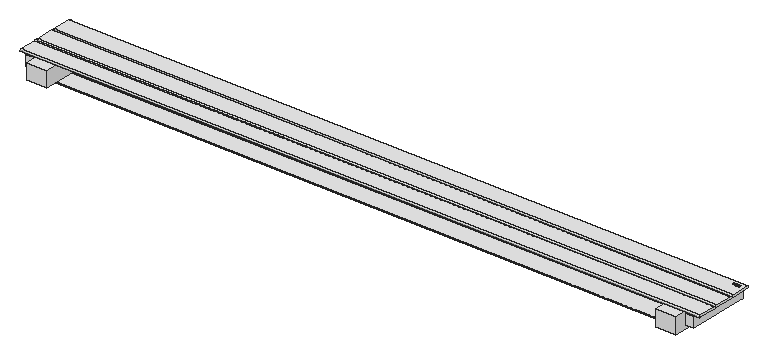
Revit family "Runtal-EB3-120D-120-Volts-96", category Mechanical Equipment, host Face, Revit 2026 (continued)
Definition of nested family "Family Grilles"
  Automatic sketch dimensions
    radius of curve 91 = 0.004167 ft
    radius of curve 92 = 0.004167 ft
    radius of curve 93 = 0.004167 ft
    radius of curve 94 = 0.004167 ft
    radius of curve 95 = 0.004167 ft
    radius of curve 96 = 0.004167 ft
    radius of curve 97 = 0.004167 ft
    radius of curve 98 = 0.004167 ft
    radius of curve 99 = 0.004167 ft
    radius of curve 100 = 0.004167 ft
    radius of curve 101 = 0.004167 ft
    radius of curve 102 = 0.004167 ft
    radius of curve 103 = 0.004167 ft
    radius of curve 104 = 0.004167 ft
    radius of curve 105 = 0.004167 ft
    radius of curve 106 = 0.004167 ft
    radius of curve 107 = 0.004167 ft
    radius of curve 108 = 0.004167 ft
    radius of curve 109 = 0.004167 ft
    radius of curve 110 = 0.004167 ft
    radius of curve 111 = 0.004167 ft
    radius of curve 112 = 0.004167 ft
    radius of curve 113 = 0.004167 ft
    radius of curve 114 = 0.004167 ft
    radius of curve 115 = 0.004167 ft
    radius of curve 116 = 0.004167 ft
    radius of curve 117 = 0.004167 ft
    radius of curve 118 = 0.004167 ft
    radius of curve 119 = 0.004167 ft
    radius of curve 120 = 0.004167 ft
    radius of curve 121 = 0.004167 ft
    radius of curve 122 = 0.004167 ft
    radius of curve 123 = 0.004167 ft
    radius of curve 124 = 0.004167 ft
    radius of curve 125 = 0.004167 ft
    radius of curve 126 = 0.004167 ft
    radius of curve 127 = 0.004167 ft
    radius of curve 128 = 0.004167 ft
    radius of curve 129 = 0.004167 ft
    radius of curve 130 = 0.004167 ft
    radius of curve 131 = 0.004167 ft
    radius of curve 132 = 0.004167 ft
    radius of curve 133 = 0.004167 ft
    radius of curve 134 = 0.004167 ft
    radius of curve 135 = 0.004167 ft
    radius of curve 136 = 0.004167 ft
    radius of curve 137 = 0.004167 ft
    radius of curve 138 = 0.004167 ft
    radius of curve 139 = 0.004167 ft
    radius of curve 140 = 0.004167 ft
    radius of curve 141 = 0.004167 ft
    radius of curve 142 = 0.004167 ft
    radius of curve 143 = 0.004167 ft
    radius of curve 144 = 0.004167 ft
    radius of curve 145 = 0.004167 ft
    radius of curve 146 = 0.004167 ft
    radius of curve 147 = 0.004167 ft
    radius of curve 148 = 0.004167 ft
    radius of curve 149 = 0.004167 ft
    radius of curve 150 = 0.004167 ft
    radius of curve 151 = 0.004167 ft
    radius of curve 152 = 0.004167 ft
    radius of curve 153 = 0.004167 ft
    radius of curve 154 = 0.004167 ft
    radius of curve 155 = 0.004167 ft
    radius of curve 156 = 0.004167 ft
    radius of curve 157 = 0.004167 ft
    radius of curve 158 = 0.004167 ft
    radius of curve 159 = 0.004167 ft
    radius of curve 160 = 0.004167 ft
    radius of curve 161 = 0.004167 ft
    radius of curve 162 = 0.004167 ft
    radius of curve 163 = 0.004167 ft
    radius of curve 164 = 0.004167 ft
    radius of curve 165 = 0.004167 ft
    radius of curve 166 = 0.004167 ft
    radius of curve 167 = 0.004167 ft
    radius of curve 168 = 0.004167 ft
    radius of curve 169 = 0.004167 ft
    radius of curve 170 = 0.004167 ft
    radius of curve 171 = 0.004167 ft
    radius of curve 172 = 0.004167 ft
    radius of curve 173 = 0.004167 ft
    radius of curve 174 = 0.004167 ft
    radius of curve 175 = 0.004167 ft
    radius of curve 176 = 0.004167 ft
    radius of curve 177 = 0.004167 ft
    radius of curve 178 = 0.004167 ft
    radius of curve 179 = 0.004167 ft
    radius of curve 180 = 0.004167 ft
    radius of curve 181 = 0.004167 ft
    radius of curve 182 = 0.004167 ft
    radius of curve 183 = 0.004167 ft
    radius of curve 184 = 0.004167 ft
    radius of curve 185 = 0.004167 ft
    radius of curve 186 = 0.004167 ft
    radius of curve 187 = 0.004167 ft
    radius of curve 188 = 0.004167 ft
    radius of curve 189 = 0.004167 ft
    radius of curve 190 = 0.004167 ft
    radius of curve 191 = 0.004167 ft
    radius of curve 192 = 0.004167 ft
    radius of curve 193 = 0.004167 ft
    radius of curve 194 = 0.004167 ft
    radius of curve 195 = 0.004167 ft
    radius of curve 196 = 0.004167 ft
    radius of curve 197 = 0.004167 ft
    radius of curve 198 = 0.004167 ft
    radius of curve 199 = 0.004167 ft
    radius of curve 200 = 0.004167 ft
    radius of curve 201 = 0.004167 ft
    radius of curve 202 = 0.004167 ft
    radius of curve 203 = 0.004167 ft
    radius of curve 204 = 0.004167 ft
    radius of curve 205 = 0.004167 ft
    radius of curve 206 = 0.004167 ft
    radius of curve 207 = 0.004167 ft
    radius of curve 208 = 0.004167 ft
    radius of curve 209 = 0.004167 ft
    radius of curve 210 = 0.004167 ft
    radius of curve 211 = 0.004167 ft
    radius of curve 212 = 0.004167 ft
    radius of curve 213 = 0.004167 ft
    radius of curve 214 = 0.004167 ft
    radius of curve 215 = 0.004167 ft
    radius of curve 216 = 0.004167 ft
    radius of curve 217 = 0.004167 ft
    radius of curve 218 = 0.004167 ft
    radius of curve 219 = 0.004167 ft
    radius of curve 220 = 0.004167 ft
    radius of curve 221 = 0.004167 ft
    radius of curve 222 = 0.004167 ft
    radius of curve 223 = 0.004167 ft
    radius of curve 224 = 0.004167 ft
    radius of curve 225 = 0.004167 ft
    radius of curve 226 = 0.004167 ft
    radius of curve 227 = 0.004167 ft
    radius of curve 228 = 0.004167 ft
    radius of curve 229 = 0.004167 ft
    radius of curve 230 = 0.004167 ft
    radius of curve 231 = 0.004167 ft
    radius of curve 232 = 0.004167 ft
    radius of curve 233 = 0.004167 ft
    radius of curve 234 = 0.004167 ft
    radius of curve 235 = 0.004167 ft
    radius of curve 236 = 0.004167 ft
    radius of curve 237 = 0.004167 ft
    radius of curve 238 = 0.004167 ft
    radius of curve 239 = 0.004167 ft
    radius of curve 240 = 0.004167 ft
    radius of curve 241 = 0.004167 ft
    radius of curve 242 = 0.004167 ft
    radius of curve 243 = 0.004167 ft
    radius of curve 244 = 0.004167 ft
    radius of curve 245 = 0.004167 ft
    radius of curve 246 = 0.004167 ft
    radius of curve 247 = 0.004167 ft
    radius of curve 248 = 0.004167 ft
    radius of curve 249 = 0.004167 ft
    radius of curve 250 = 0.004167 ft
    radius of curve 251 = 0.004167 ft
    radius of curve 252 = 0.004167 ft
    radius of curve 253 = 0.004167 ft
    radius of curve 254 = 0.004167 ft
    radius of curve 255 = 0.004167 ft
    radius of curve 256 = 0.004167 ft
    radius of curve 257 = 0.004167 ft
    radius of curve 258 = 0.004167 ft
    radius of curve 259 = 0.004167 ft
    radius of curve 260 = 0.004167 ft
    radius of curve 261 = 0.004167 ft
    radius of curve 262 = 0.004167 ft
    radius of curve 263 = 0.004167 ft
    radius of curve 264 = 0.004167 ft
    radius of curve 265 = 0.004167 ft
    radius of curve 266 = 0.004167 ft
    radius of curve 267 = 0.004167 ft
    radius of curve 268 = 0.004167 ft
    radius of curve 269 = 0.004167 ft
    radius of curve 270 = 0.004167 ft
    radius of curve 271 = 0.004167 ft
    radius of curve 272 = 0.004167 ft
    radius of curve 273 = 0.004167 ft
    radius of curve 274 = 0.004167 ft
    radius of curve 275 = 0.004167 ft
    radius of curve 276 = 0.004167 ft
    radius of curve 277 = 0.004167 ft
    radius of curve 278 = 0.004167 ft
    radius of curve 279 = 0.004167 ft
    radius of curve 280 = 0.004167 ft
    radius of curve 281 = 0.004167 ft
    radius of curve 282 = 0.004167 ft
    radius of curve 283 = 0.004167 ft
    radius of curve 284 = 0.004167 ft
    radius of curve 285 = 0.004167 ft
    radius of curve 286 = 0.004167 ft
    radius of curve 287 = 0.004167 ft
    radius of curve 288 = 0.004167 ft
    radius of curve 289 = 0.004167 ft
    radius of curve 290 = 0.004167 ft
    radius of curve 291 = 0.004167 ft
    radius of curve 292 = 0.004167 ft
    radius of curve 293 = 0.004167 ft
    radius of curve 294 = 0.004167 ft
    radius of curve 295 = 0.004167 ft
    radius of curve 296 = 0.004167 ft
    radius of curve 297 = 0.004167 ft
    radius of curve 298 = 0.004167 ft
    radius of curve 299 = 0.004167 ft
    radius of curve 300 = 0.004167 ft
    radius of curve 301 = 0.004167 ft
    radius of curve 302 = 0.004167 ft
    radius of curve 303 = 0.004167 ft
    radius of curve 304 = 0.004167 ft
    radius of curve 305 = 0.004167 ft
    radius of curve 306 = 0.004167 ft
    radius of curve 307 = 0.004167 ft
    radius of curve 308 = 0.004167 ft
    radius of curve 309 = 0.004167 ft
    radius of curve 310 = 0.004167 ft
    radius of curve 311 = 0.004167 ft
    radius of curve 312 = 0.004167 ft
    radius of curve 313 = 0.004167 ft
    radius of curve 314 = 0.004167 ft
    radius of curve 315 = 0.004167 ft
    radius of curve 316 = 0.004167 ft
    radius of curve 317 = 0.004167 ft
    radius of curve 318 = 0.004167 ft
    radius of curve 319 = 0.004167 ft
    radius of curve 320 = 0.004167 ft
    radius of curve 321 = 0.004167 ft
    radius of curve 322 = 0.004167 ft
    radius of curve 323 = 0.004167 ft
    radius of curve 324 = 0.004167 ft
    radius of curve 325 = 0.004167 ft
    radius of curve 326 = 0.004167 ft
    radius of curve 327 = 0.004167 ft
    radius of curve 328 = 0.004167 ft
    radius of curve 329 = 0.004167 ft
    radius of curve 330 = 0.004167 ft
    radius of curve 331 = 0.004167 ft
    radius of curve 332 = 0.004167 ft
    radius of curve 333 = 0.004167 ft
    radius of curve 334 = 0.004167 ft
    radius of curve 335 = 0.004167 ft
    radius of curve 336 = 0.004167 ft
    radius of curve 337 = 0.004167 ft
    radius of curve 338 = 0.004167 ft
    radius of curve 339 = 0.004167 ft
    radius of curve 340 = 0.004167 ft
    radius of curve 341 = 0.004167 ft
    radius of curve 342 = 0.004167 ft
    radius of curve 343 = 0.004167 ft
    radius of curve 344 = 0.004167 ft
    radius of curve 345 = 0.004167 ft
    radius of curve 346 = 0.004167 ft
    radius of curve 347 = 0.004167 ft
    radius of curve 348 = 0.004167 ft
    radius of curve 349 = 0.004167 ft
    radius of curve 350 = 0.004167 ft
    radius of curve 351 = 0.004167 ft
    radius of curve 352 = 0.004167 ft
    radius of curve 353 = 0.004167 ft
    radius of curve 354 = 0.004167 ft
    radius of curve 355 = 0.004167 ft
    radius of curve 356 = 0.004167 ft
    radius of curve 357 = 0.004167 ft
    radius of curve 358 = 0.004167 ft
    radius of curve 359 = 0.004167 ft
    radius of curve 360 = 0.004167 ft
    radius of curve 361 = 0.004167 ft
    radius of curve 362 = 0.004167 ft
    radius of curve 363 = 0.004167 ft
    radius of curve 364 = 0.004167 ft
    radius of curve 365 = 0.004167 ft
    radius of curve 366 = 0.004167 ft
    radius of curve 367 = 0.004167 ft
    radius of curve 368 = 0.004167 ft
    radius of curve 369 = 0.004167 ft
    radius of curve 370 = 0.004167 ft
    radius of curve 371 = 0.004167 ft
    radius of curve 372 = 0.004167 ft
    radius of curve 373 = 0.004167 ft
    radius of curve 374 = 0.004167 ft
    radius of curve 375 = 0.004167 ft
    radius of curve 376 = 0.004167 ft
    radius of curve 377 = 0.004167 ft
    radius of curve 378 = 0.004167 ft
    radius of curve 379 = 0.004167 ft
    radius of curve 380 = 0.004167 ft
    radius of curve 381 = 0.004167 ft
    radius of curve 382 = 0.004167 ft
    radius of curve 383 = 0.004167 ft
    radius of curve 384 = 0.004167 ft
    radius of curve 385 = 0.004167 ft
    radius of curve 386 = 0.004167 ft
    radius of curve 387 = 0.004167 ft
    radius of curve 388 = 0.004167 ft
    radius of curve 389 = 0.004167 ft
    radius of curve 390 = 0.004167 ft
    radius of curve 391 = 0.004167 ft
    radius of curve 392 = 0.004167 ft
    radius of curve 393 = 0.004167 ft
    radius of curve 394 = 0.004167 ft
    radius of curve 395 = 0.004167 ft
    radius of curve 396 = 0.004167 ft
    radius of curve 397 = 0.004167 ft
    radius of curve 398 = 0.004167 ft
    radius of curve 399 = 0.004167 ft
    radius of curve 400 = 0.004167 ft
    radius of curve 401 = 0.004167 ft
    radius of curve 402 = 0.004167 ft
    radius of curve 403 = 0.004167 ft
    radius of curve 404 = 0.004167 ft
    radius of curve 405 = 0.004167 ft
    radius of curve 406 = 0.004167 ft
    radius of curve 407 = 0.004167 ft
    radius of curve 408 = 0.004167 ft
    radius of curve 409 = 0.004167 ft
    radius of curve 410 = 0.004167 ft
    radius of curve 411 = 0.004167 ft
    radius of curve 412 = 0.004167 ft
    radius of curve 413 = 0.004167 ft
    radius of curve 414 = 0.004167 ft
    radius of curve 415 = 0.004167 ft
    radius of curve 416 = 0.004167 ft
    radius of curve 417 = 0.004167 ft
    radius of curve 418 = 0.004167 ft
    radius of curve 419 = 0.004167 ft
    radius of curve 420 = 0.004167 ft
    radius of curve 421 = 0.004167 ft
    radius of curve 422 = 0.004167 ft
    radius of curve 423 = 0.004167 ft
    radius of curve 424 = 0.004167 ft
    radius of curve 425 = 0.004167 ft
    radius of curve 426 = 0.004167 ft
    radius of curve 427 = 0.004167 ft
    radius of curve 428 = 0.004167 ft
    radius of curve 429 = 0.004167 ft
    radius of curve 430 = 0.004167 ft
    radius of curve 431 = 0.004167 ft
    radius of curve 432 = 0.004167 ft
    radius of curve 433 = 0.004167 ft
    radius of curve 434 = 0.004167 ft
    radius of curve 435 = 0.004167 ft
    radius of curve 436 = 0.004167 ft
    radius of curve 437 = 0.004167 ft
    radius of curve 438 = 0.004167 ft
    radius of curve 439 = 0.004167 ft
    radius of curve 440 = 0.004167 ft
    radius of curve 441 = 0.004167 ft
    radius of curve 442 = 0.004167 ft
    radius of curve 443 = 0.004167 ft
    radius of curve 444 = 0.004167 ft
    radius of curve 445 = 0.004167 ft
    radius of curve 446 = 0.004167 ft
    radius of curve 447 = 0.004167 ft
    radius of curve 448 = 0.004167 ft
    radius of curve 449 = 0.004167 ft
    radius of curve 450 = 0.004167 ft
    radius of curve 451 = 0.004167 ft
    radius of curve 452 = 0.004167 ft
    radius of curve 453 = 0.004167 ft
    radius of curve 454 = 0.004167 ft
    radius of curve 455 = 0.004167 ft
    radius of curve 456 = 0.004167 ft
    radius of curve 457 = 0.004167 ft
    radius of curve 458 = 0.004167 ft
    radius of curve 459 = 0.004167 ft
    radius of curve 460 = 0.004167 ft
    radius of curve 461 = 0.004167 ft
    radius of curve 462 = 0.004167 ft
    radius of curve 463 = 0.004167 ft
    radius of curve 464 = 0.004167 ft
    radius of curve 465 = 0.004167 ft
    radius of curve 466 = 0.004167 ft
    radius of curve 467 = 0.004167 ft
    radius of curve 468 = 0.004167 ft
    radius of curve 469 = 0.004167 ft
    radius of curve 470 = 0.004167 ft
    radius of curve 471 = 0.004167 ft
    radius of curve 472 = 0.004167 ft
    radius of curve 473 = 0.004167 ft
    radius of curve 474 = 0.004167 ft
    radius of curve 475 = 0.004167 ft
    radius of curve 476 = 0.004167 ft
    radius of curve 477 = 0.004167 ft
    radius of curve 478 = 0.004167 ft
    radius of curve 479 = 0.004167 ft
    radius of curve 480 = 0.004167 ft
    radius of curve 481 = 0.004167 ft
    radius of curve 482 = 0.004167 ft
    radius of curve 483 = 0.004167 ft
    radius of curve 484 = 0.004167 ft
    radius of curve 485 = 0.004167 ft
    radius of curve 486 = 0.004167 ft
    radius of curve 487 = 0.004167 ft
    radius of curve 488 = 0.004167 ft
    radius of curve 489 = 0.004167 ft
    radius of curve 490 = 0.004167 ft
    radius of curve 491 = 0.004167 ft
    radius of curve 492 = 0.004167 ft
    radius of curve 493 = 0.004167 ft
    radius of curve 494 = 0.004167 ft
    radius of curve 495 = 0.004167 ft
    radius of curve 496 = 0.004167 ft
    radius of curve 497 = 0.004167 ft
    radius of curve 498 = 0.004167 ft
    radius of curve 499 = 0.004167 ft
    radius of curve 500 = 0.004167 ft
    radius of curve 501 = 0.004167 ft
    radius of curve 502 = 0.004167 ft
    radius of curve 503 = 0.004167 ft
    radius of curve 504 = 0.004167 ft
    radius of curve 505 = 0.004167 ft
    radius of curve 506 = 0.004167 ft
    radius of curve 507 = 0.004167 ft
    radius of curve 508 = 0.004167 ft
    radius of curve 509 = 0.004167 ft
    radius of curve 510 = 0.004167 ft
    radius of curve 511 = 0.004167 ft
    radius of curve 512 = 0.004167 ft
    radius of curve 513 = 0.004167 ft
